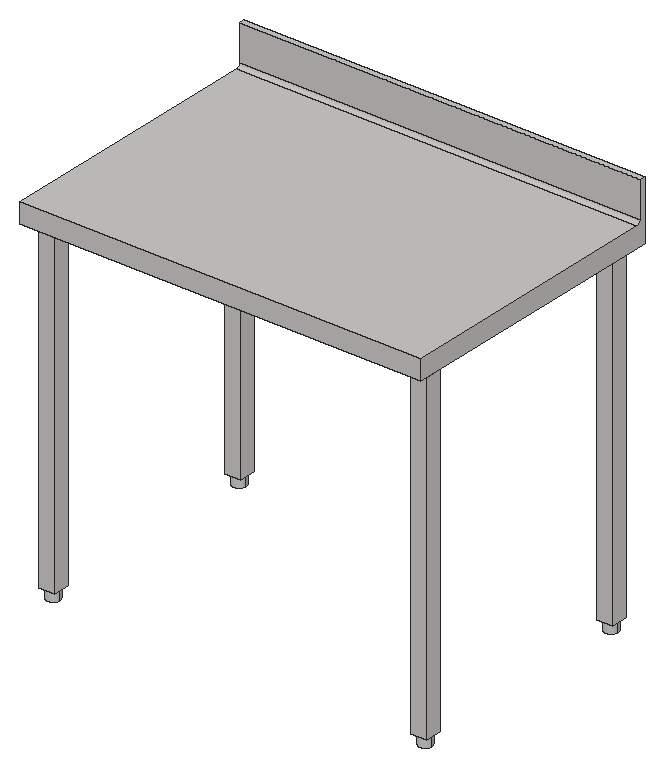
Revit family "QF_ZANUSSI_132730_TG1010PN", category Attrezzature speciali, Revit 2020
Family settings
  Quota connettore circolare = Usa diametro
  Tipo di parte = Normale
  Basato su piano di lavoro = No
  Sempre verticale = Sì
  Taglio con vuoti quando caricato = No
  Condiviso = No
  Punto di calcolo locali = No
Parameters (values of type "Standard")
  Weight = 45.00 kg
  Watts = 0 W
  Volts = 0 V
  URL Manufacturer = "http://www.zanussiprofessional.com"
  URL = "http://www.zanussiprofessional.com"
  Steam Supply Size = 0 mm
  Steam Supply Minimum Pressure = 0.0 Pa
  Steam Supply Maximum Pressure = 0.0 Pa
  Steam Consumption per Hour = 0
  Refrigeration Suction Line Size = 0.0 mm
  Refrigeration Liquid Line Size = 0.0 mm
  Refrigerant Compressor Remote = yes
  Prospetto di default = 0.0 mm
  Produttore = "Zanussi"
  Phase = 0
  Modello = "TG1010PN"
  Length Actual = 1000.0 mm  # constant formula
  Item Number = "132730"
  Hot Water Size = 0 mm
  Height Actual = 1000.0 mm  # constant formula
  HP = "0 HP"
  Gas Size = 0 mm
  Gas KW = 0
  Gas Input Pressure = 0 W
  Direct Waste Size = 0 mm
  Descrizione = "WORK TABLE WITH UPSTAND 1000 MM"
  Depth Actual = 700.0 mm  # constant formula
  Cycle = 0 Hz
  Condensate Return Size = 0 mm
  Compressed Air Volume = 0.0 L/s
  Compressed Air Size = 0 mm
  Compressed Air Pressure = 0.0 Pa
  Cold Water Size = 0 mm
  Accessory = yes
Reference planes
  plane 1 "Center (Front/Back)": y = 0
  plane 2: z = 0
  plane 3 "Center (Left/Right)": x = 0
  plane 4 "LEFT": x = -500
  plane 5 "RIGHT": x = 500
  plane 6 "BACK": y = 350
  plane 7 "FRONT": y = -350
  plane 8 "Base": z = 850
  plane 9 "TOP": z = 900
  plane 10: x = -464.5
  plane 11: x = 464.5
  plane 12: y = 290
  plane 13: y = -290
Forms (mm)
  Extrusion 1, solid, material "QF_Finishes_Stainless Steel"
    sketch origin (0, 0, 0) x (0, 1, 0) y (0, 0, 1)
      loop
        line (-350, 850) -> (350, 850) -> (350, 1000) -> (337, 1000) -> (337, 910)
        arc (337, 910) -> (334.071, 902.929) -> (327, 900) r 10
        line (327, 900) -> (-350, 900) -> (-350, 850)
    from 500 to -500
Lines and regions (mm)
  symbolic lines
    curve 1: line (500, 350, 900) -> (-500, 350, 900)
    curve 2: line (-500, 350, 900) -> (-500, -350, 900)
    curve 3: line (-500, -350, 900) -> (500, -350, 900)
    curve 4: line (500, -350, 900) -> (500, 350, 900)
    curve 5: line (500, 337, 900) -> (-500, 337, 900)
Dimensions and locks
  plane 4 "LEFT" to plane 5 "RIGHT" = 1000.0 mm
  equal spacing: plane 4 "LEFT", plane 3 "Center (Left/Right)", plane 5 "RIGHT"
  locked: plane 8 "Base" to level at 850
  plane 4 "LEFT" to plane 10 = 35.5 mm
  plane 11 to plane 5 "RIGHT" = 35.5 mm
  plane 10 to plane 11 = 929.0 mm
  locked: Extrusion 1 to level at 1000
  plane 9 "TOP" to level = 900.0 mm
  plane 6 "BACK" to plane 12 = 60.0 mm
  plane 13 to plane 7 "FRONT" = 60.0 mm
  plane 6 "BACK" to plane 7 "FRONT" = 700.0 mm
  plane 12 to plane 13 = 580.0 mm
  equal spacing: plane 6 "BACK", plane 1 "Center (Front/Back)", plane 7 "FRONT"
  aligned and locked: level to plane 2
  aligned and locked: plane 10 to nested 1
  aligned and locked: nested 1 to plane 13
  aligned and locked: plane 11 to nested 2
  aligned and locked: nested 2 to plane 13
  aligned and locked: plane 11 to nested 4
  aligned and locked: nested 4 to plane 12
  aligned and locked: plane 10 to nested 3
  aligned and locked: nested 3 to plane 12
  aligned and locked: Extrusion 1 to plane 4 "LEFT"
  aligned and locked: plane 5 "RIGHT" to Extrusion 1
  aligned and locked: curve 2 to plane 4 "LEFT"
Automatic sketch dimensions
  Extrusion 1 sketch curve to plane 7 "FRONT" = 0.0 mm
  Extrusion 1 sketch curve to plane 9 "TOP" = 0.0 mm
  Extrusion 1 sketch curve to plane 6 "BACK" = 0.0 mm
  Extrusion 1 sketch curve to plane 8 "Base" = 0.0 mm
  plane 9 "TOP" to Extrusion 1 sketch curve = 10.0 mm
  Extrusion 1 sketch curve to plane 6 "BACK" = 13.0 mm
  Extrusion 1 sketch curve to Extrusion 1 sketch curve = 90.0 mm
  curve 3 to plane 7 "FRONT" = 0.0 mm
  curve 5 to plane 5 "RIGHT" = 0.0 mm
  curve 4 to plane 6 "BACK" = 0.0 mm
  curve 5 to plane 6 "BACK" = 13.0 mm
Nested families
  nested 1: "FEET_40x40" at (-464.5, -290, 0), type "FEET_40x40"
  nested 2: "FEET_40x40" at (464.5, -290, 0), type "FEET_40x40"
  nested 3: "FEET_40x40" at (-464.5, 290, 0), type "FEET_40x40"
  nested 4: "FEET_40x40" at (464.5, 290, 0), type "FEET_40x40"
Definition of nested family "FEET_40x40"
  Parameters
    Default Elevation = 0.0 mm
    FEET = 850.0 mm
  Reference planes
    plane 1 "Center (Front/Back)": y = 0
    plane 2: z = 0
    plane 3 "Center (Left/Right)": x = 0
    plane 4: z = 850
  Forms (mm)
    Extrusion 1, solid
      sketch origin (0, 0, 0) x (1, 0, 0) y (0, 1, 0)
        loop
          line (-20, -20) -> (20, -20) -> (20, 20) -> (-20, 20) -> (-20, -20)
      from 25 to 845
    Extrusion 2, solid
      sketch origin (0, 0, 0) x (1, 0, 0) y (0, 1, 0)
        loop
          circle (0, 0) r 16
      from 0 to 25
    Extrusion 3, solid
      sketch origin (0, 0, 0) x (1, 0, 0) y (0, 1, 0)
        loop
          line (30, 30) -> (-30, 30) -> (-30, -30) -> (30, -30) -> (30, 30)
      from 845 to 850
  Lines and regions (mm)
    symbolic lines
      curve 1: line (0, -1.503, 0) -> (0, 1.508, 0)
      curve 2: line (1.561, 0, 0) -> (-1.439, 0, 0)
  Dimensions and locks
    "FEET": plane 4 to plane 2
    aligned and locked: level to plane 2
  Automatic sketch dimensions
    Extrusion 1 sketch curve to plane 3 "Center (Left/Right)" = 20.0 mm
    plane 3 "Center (Left/Right)" to Extrusion 1 sketch curve = 20.0 mm
    plane 1 "Center (Front/Back)" to Extrusion 1 sketch curve = 20.0 mm
    Extrusion 1 sketch curve to plane 1 "Center (Front/Back)" = 20.0 mm
    plane 1 "Center (Front/Back)" to Extrusion 2 sketch curve = 0.0 mm
    Extrusion 2 sketch curve to plane 3 "Center (Left/Right)" = 0.0 mm
    plane 3 "Center (Left/Right)" to Extrusion 3 sketch curve = 30.0 mm
    Extrusion 3 sketch curve to plane 1 "Center (Front/Back)" = 30.0 mm
    Extrusion 3 sketch curve to plane 3 "Center (Left/Right)" = 30.0 mm
    plane 1 "Center (Front/Back)" to Extrusion 3 sketch curve = 30.0 mm
    plane 1 "Center (Front/Back)" to curve 2 = 0.0 mm
    curve 1 to plane 3 "Center (Left/Right)" = 0.0 mm
    curve 2 to plane 3 "Center (Left/Right)" = 1.439 mm
    plane 3 "Center (Left/Right)" to curve 2 = 1.561 mm
    plane 1 "Center (Front/Back)" to curve 1 = 1.503 mm
    curve 1 to plane 1 "Center (Front/Back)" = 1.508 mm
    radius of Extrusion 2 sketch curve = 16.0 mm
